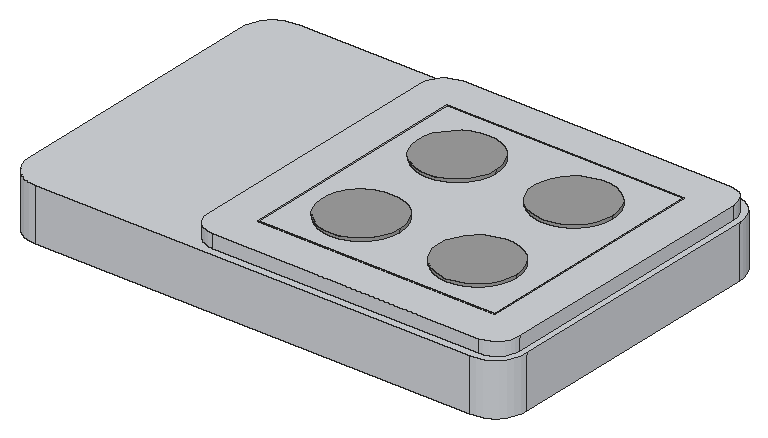
Revit family "Lighting-Industriale-GEWISS-SMART[4]HLO_APPARECCHI-LED_1M", category Apparecchi per illuminazione, Revit 2019
Family settings
  Quota connettore circolare = Usa diametro
  Tipo di parte = Normale
  Numero OmniClass = 23.80.00.00
  Titolo OmniClass = Electric Power and Lighting
  Basato su piano di lavoro = Sì
  Sempre verticale = No
  Taglio con vuoti quando caricato = No
  Sorgente d'illuminazione = No
  Condiviso = No
  Punto di calcolo locali = No
Parameters (values of type "GWS4122BQ857 - SMART4LB 1M C.PAS.ON/OFF HLO ELL.57K")
  Voltaggio = 230 V
  Viti esterne = "Acciaio inox"
  Vetro acceso = Lampada accesa
  Versione file RFA = "20.11"
  Vano di alimentazione = "Integrato"
  URL = "https://www.gewiss.com/it/it"
  Tolleranza cromatica = "SDCM = 3"
  Tipologia sorgente luminosa = "LED - Non sostituibile"
  Tipo di installazione e montaggio = "Plafone - Parete - Sospensione"
  Tipo di apparecchio = "Riflettore industriale a LED&nbsp;"
  Tensione di alimentazione = "220 - 240 V"
  Temperatura di stoccaggio = "-40 +70 °C"
  Temperatura di esercizio = "-30°C ÷ +50 °C"
  Temperatura di colore = "5700K"
  Superficie massima esposta al vento : = "0,097 m²"
  Spostamento_Y_etichetta [instance] = 0 mm
  Spostamento_Y_effettivo_etichetta [instance] = 1500 mm - Spostamento_Y_etichetta  # 1500 mm
  Spostamento_X_etichetta [instance] = 0 mm
  Spostamento_X_effettivo_etichetta [instance] = 1500 mm - Spostamento_X_etichetta  # 1500 mm
  SostituibilitÃ  piastra di cablaggio = "Non sostituibile"
  SostituibilitÃ  gruppo ottico = "Non sostituibile"
  Sistema di controllo : = "ON / OFF"
  Sistema di controllo = "ON / OFF"
  Schermo = "Vetro Temprato Spessore 4mm"
  Scheda Tecnica = "https://www.gewiss.com/it/it/search?q=GWS4122BQ857"
  SEO = "Low Bay"
  Resistenza al filo incandescente = "850 °C"
  Resistenza agli urti = "IK08"
  Produttore = "GEWISS S.p.A."
  Potenza di sistema = "64W"
  Peso (kg): = "3,5"
  Ottica = "Ellittica"
  Offset etichetta W [instance] = 120 mm
  Norma di riferimento = "EN 60598-1 ; EN 60598-2-1 ; EN 60598-2-24"
  Modello = "GWS4122BQ857"
  Materiali = "-"
  Lumen output (lm) = "8200"
  Lampada = "LED"
  Installazione e manutenzione = "-"
  Informazioni generali = "-"
  Indice di resa cromatica = "CRI-80"
  Inclinazione = "Con accessorio staffa"
  Immagine tipo = GWL1071.jpg
  IPEA = "-"
  IFC.TypeObject = ""
  IFC.ExportType = ""
  IFC.ExportAs = ""
  IDT = "38a7e34fee1a4d0d9e54b5fc2166bea5"
  IDF = "5e5a1ad8-9921-4241-a109-0c80e9b8793f"
  Guarnizioni = "tipo siliconico antinvecchiamento "
  Gruppo ottico = "Riflettore in PC metallizzato e lenti in PMMA"
  Grado di protezione = "IP66"
  Garanzia = "5 anni"
  Gancio di chiusura = "-"
  Frequenza nominale (Hz) = "50/60 Hz"
  Fissaggio = "-"
  Finitura colore = "Grigio RAL 7035"
  Etichetta wattaggio [instance] = yes
  Default Elevation = 1219.2 mm
  Trasformatore = none
  Spessore plafoniera = 40 mm  # constant formula
  Proiettsmart [instance] = yes
  Raggio led = 30 mm  # constant formula
  Plafoniera = none
  Efficienza luminosa (lm/W) = "128"
  Durata di vita = "L90B10 (Tq+25°C) = 70.000 h - L90B10 (Tq+50°C) = 35.000 h"
  Dispositivo di protezione = "DM 6kV / CM 6kV"
  Descrizione = "SMART[4]LB 1M C.PAS.ON/OFF HLO ELL.57K"
  Creato da GEWISS S.p.A. = ""
  Corpo = "PA6 “Halogen Free” caricato fibra vetro"
  Controllo abbagliamento e luminanza = "-"
  Contesto = "Illuminazione di logistiche e locali produttivi industriali"
  Commenti sul wattaggio = "50W"
  Colore = "Grigio RAL 7035"
  Codice digitale univoco (Datamatrix) = "Datamatrix"
  Codice Electrocod = "2444"
  Classificazione: = "-"
  Classificazione = Lighting
  Classe isolamento = "I"
  Classe fotobiologica = "RG0"
  Certificazioni e classificazioni = "-"
  Certificazione DIN 18032-3 = "Con Staffa - Kit Funi + morsetto (in approvazione)"
  Catalogo = "LIGHTING"
  Carico apparente = 50 VA
  Motore = none
  Lunghezza = 383 mm  # constant formula
  Larghezza = 253 mm  # constant formula
  Distanza tot_plafoniera = 74 mm  # constant formula
  Dettaglio bidimensionale attivo [instance] = not(Proiettsmart)  # no
  Caratteristiche ottiche e illuminotecniche = "-"
  Caratteristiche elettriche e gestione della luce = "-"
  Cablaggio = "Con connettore stagno Gw connect"
  COBie.Tagnumber = ""
  COBie.CreatedOn = ""
  COBie.CreatebBy = ""
  COBie.ComponentRegisterItemID = ""
  COBie.Component.TagNumber = ""
  COBie.Component.Space = ""
  COBie.Component.SerialNumber = ""
  COBie.Component.InstallationDate = ""
  COBie.Component.Description = ""
  COBie.Component.BarCode = ""
  Applicazione = "Interno"
  Apparecchio a ridotta temperatura superficiale = "Si"
  Alimentatore = "Incluso"
Types (36, lengths in mm): name | Temperatura di colore | Scheda Tecnica | SEO | Ottica | Modello | Lumen output (lm) | IDT | Gruppo ottico | Efficienza luminosa (lm/W) | Descrizione | Controllo abbagliamento e luminanza
  GWS4120BA830 - SMART4LB 1M ST.AL.ON/OFF HLO ARR.30K | "3000K" | "https://www.gewiss.com/it/it/search?q=GWS4120BA830" | "" | "Array" | "GWS4120BA830" | "8700" | "5980240d57c148668427c31942197637" | "Riflettore in PC metallizzato" | "136" | "SMART[4]LB 1M ST.AL.ON/OFF HLO ARR.30K" | "-"
  GWS4120BA840 - SMART4LB 1M ST.AL.ON/OFF HLO ARR.40K | "4000K" | "https://www.gewiss.com/it/it/search?q=GWS4120BA840" | "" | "Array" | "GWS4120BA840" | "9200" | "9e4f743f959141c9b29d12f241d5ae24" | "Riflettore in PC metallizzato" | "144" | "SMART[4]LB 1M ST.AL.ON/OFF HLO ARR.40K" | "-"
  GWS4120BA857 - SMART4LB 1M ST.AL.ON/OFF HLO ARR.57K | "5700K" | "https://www.gewiss.com/it/it/search?q=GWS4120BA857" | "" | "Array" | "GWS4120BA857" | "9200" | "7bc1fb0b84b7457d8f68f87ceb844d06" | "Riflettore in PC metallizzato" | "144" | "SMART[4]LB 1M ST.AL.ON/OFF HLO ARR.57K" | "-"
  GWS4120BC830 - SMART4LB 1M ST.AL.ON/OFF HLO ASI.30K | "3000K" | "https://www.gewiss.com/it/it/search?q=GWS4120BC830" | "Low Bay" | "Asimmetrica" | "GWS4120BC830" | "7800" | "acdad08c76134dad89b173a5b9cc93b9" | "Riflettore in PC metallizzato e lenti in PMMA" | "122" | "SMART[4]LB 1M ST.AL.ON/OFF HLO ASI.30K" | "-"
  GWS4120BC840 - SMART4LB 1M ST.AL.ON/OFF HLO ASI.40K | "4000K" | "https://www.gewiss.com/it/it/search?q=GWS4120BC840" | "Low Bay" | "Asimmetrica" | "GWS4120BC840" | "8200" | "5c597e1ff5744d418d0292d6fe9fe715" | "Riflettore in PC metallizzato e lenti in PMMA" | "128" | "SMART[4]LB 1M ST.AL.ON/OFF HLO ASI.40K" | "-"
  GWS4120BC857 - SMART4LB 1M ST.AL.ON/OFF HLO ASI.57K | "5700K" | "https://www.gewiss.com/it/it/search?q=GWS4120BC857" | "Low Bay" | "Asimmetrica" | "GWS4120BC857" | "8200" | "e83a54f6850540ac8156a34e1b5d33fb" | "Riflettore in PC metallizzato e lenti in PMMA" | "128" | "SMART[4]LB 1M ST.AL.ON/OFF HLO ASI.57K" | "-"
  GWS4120BF830 - SMART4LB 1M ST.AL.ON/OFF HLO 30° 30K | "3000K" | "https://www.gewiss.com/it/it/search?q=GWS4120BF830" | "" | "30°" | "GWS4120BF830" | "8600" | "6ef3c88a00de4d269af8a8f4c72061d0" | "Riflettore in PC metallizzato e lenti in PMMA" | "134" | "SMART[4]LB 1M ST.AL.ON/OFF HLO 30° 30K" | "UGR - 22"
  GWS4120BF840 - SMART4LB 1M ST.AL.ON/OFF HLO 30° 40K | "4000K" | "https://www.gewiss.com/it/it/search?q=GWS4120BF840" | "" | "30°" | "GWS4120BF840" | "9000" | "327bf72fa53546518570e5f3624fd406" | "Riflettore in PC metallizzato e lenti in PMMA" | "141" | "SMART[4]LB 1M ST.AL.ON/OFF HLO 30° 40K" | "UGR - 22"
  GWS4120BF857 - SMART4LB 1M ST.AL.ON/OFF HLO 30° 57K | "5700K" | "https://www.gewiss.com/it/it/search?q=GWS4120BF857" | "" | "30°" | "GWS4120BF857" | "9000" | "be34e83605d648e480c7a2b94495f9d6" | "Riflettore in PC metallizzato e lenti in PMMA" | "141" | "SMART[4]LB 1M ST.AL.ON/OFF HLO 30° 57K" | "UGR - 22"
  GWS4120BH830 - SMART4LB 1M ST.AL.ON/OFF HLO 60° 30K | "3000K" | "https://www.gewiss.com/it/it/search?q=GWS4120BH830" | "" | "60°" | "GWS4120BH830" | "8700" | "1073dc8096d14559ad69109d852e8452" | "Riflettore in PC metallizzato e lenti in PMMA" | "136" | "SMART[4]LB 1M ST.AL.ON/OFF HLO 60° 30K" | "UGR - 25"
  GWS4120BH840 - SMART4LB 1M ST.AL.ON/OFF HLO 60° 40K | "4000K" | "https://www.gewiss.com/it/it/search?q=GWS4120BH840" | "" | "60°" | "GWS4120BH840" | "9200" | "db5c7943ee2545ea8595a897a47f99d2" | "Riflettore in PC metallizzato e lenti in PMMA" | "144" | "SMART[4]LB 1M ST.AL.ON/OFF HLO 60° 40K" | "UGR - 25"
  GWS4120BH857 - SMART4LB 1M ST.AL.ON/OFF HLO 60° 57K | "5700K" | "https://www.gewiss.com/it/it/search?q=GWS4120BH857" | "" | "60°" | "GWS4120BH857" | "9200" | "1acafd3169ec46d48b43ffa05d04a8df" | "Riflettore in PC metallizzato e lenti in PMMA" | "144" | "SMART[4]LB 1M ST.AL.ON/OFF HLO 60° 57K" | "UGR - 25"
  GWS4120BP830 - SMART4LB 1M ST.AL.ON/OFF HLO 90° 30K | "3000K" | "https://www.gewiss.com/it/it/search?q=GWS4120BP830" | "" | "90°" | "GWS4120BP830" | "8800" | "73924a2c68f4440ab09b5f11815c9bbc" | "Riflettore in PC metallizzato e lenti in PMMA" | "138" | "SMART[4]LB 1M ST.AL.ON/OFF HLO 90° 30K" | "UGR - 25"
  GWS4120BP840 - SMART4LB 1M ST.AL.ON/OFF HLO 90° 40K | "4000K" | "https://www.gewiss.com/it/it/search?q=GWS4120BP840" | "" | "90°" | "GWS4120BP840" | "9200" | "197e7275b88249e2abf9adbd962bfdad" | "Riflettore in PC metallizzato e lenti in PMMA" | "144" | "SMART[4]LB 1M ST.AL.ON/OFF HLO 90° 40K" | "UGR - 25"
  GWS4120BP857 - SMART4LB 1M ST.AL.ON/OFF HLO 90° 57K | "5700K" | "https://www.gewiss.com/it/it/search?q=GWS4120BP857" | "" | "90°" | "GWS4120BP857" | "9200" | "69ce464822124d2287c0f19986e57caf" | "Riflettore in PC metallizzato e lenti in PMMA" | "144" | "SMART[4]LB 1M ST.AL.ON/OFF HLO 90° 57K" | "UGR - 25"
  GWS4120BQ830 - SMART4LB 1M ST.AL.ON/OFF HLO ELL.30K | "3000K" | "https://www.gewiss.com/it/it/search?q=GWS4120BQ830" | "Low Bay" | "Ellittica" | "GWS4120BQ830" | "7800" | "ae1ae4117d19437ea49ae9dd1a6f8754" | "Riflettore in PC metallizzato e lenti in PMMA" | "122" | "SMART[4]LB 1M ST.AL.ON/OFF HLO ELL.30K" | "-"
  GWS4120BQ840 - SMART4LB 1M ST.AL.ON/OFF HLO ELL.40K | "4000K" | "https://www.gewiss.com/it/it/search?q=GWS4120BQ840" | "Low Bay" | "Ellittica" | "GWS4120BQ840" | "8200" | "0cd218d5c0634c7baf076751e044eb01" | "Riflettore in PC metallizzato e lenti in PMMA" | "128" | "SMART[4]LB 1M ST.AL.ON/OFF HLO ELL.40K" | "-"
  GWS4120BQ857 - SMART4LB 1M ST.AL.ON/OFF HLO ELL.57K | "5700K" | "https://www.gewiss.com/it/it/search?q=GWS4120BQ857" | "Low Bay" | "Ellittica" | "GWS4120BQ857" | "8200" | "93910fbd0ac54e73bee3fb75cc529df9" | "Riflettore in PC metallizzato e lenti in PMMA" | "128" | "SMART[4]LB 1M ST.AL.ON/OFF HLO ELL.57K" | "-"
  GWS4122BA830 - SMART4LB 1M C.PAS.ON/OFF HLO ARR.30K | "3000K" | "https://www.gewiss.com/it/it/search?q=GWS4122BA830" | "" | "Array" | "GWS4122BA830" | "8700" | "7b2a187e11c24f71b9fa4a2cabea7cc0" | "Riflettore in PC metallizzato" | "136" | "SMART[4]LB 1M C.PAS.ON/OFF HLO ARR.30K" | "-"
  GWS4122BA840 - SMART4LB 1M C.PAS.ON/OFF HLO ARR.40K | "4000K" | "https://www.gewiss.com/it/it/search?q=GWS4122BA840" | "" | "Array" | "GWS4122BA840" | "9200" | "9bfe0c9aa3be4cd386c6dc9caa000e5e" | "Riflettore in PC metallizzato" | "144" | "SMART[4]LB 1M C.PAS.ON/OFF HLO ARR.40K" | "-"
  GWS4122BA857 - SMART4LB 1M C.PAS.ON/OFF HLO ARR.57K | "5700K" | "https://www.gewiss.com/it/it/search?q=GWS4122BA857" | "" | "Array" | "GWS4122BA857" | "9200" | "0386dc4ba2ac4121890779a000b68b9a" | "Riflettore in PC metallizzato" | "144" | "SMART[4]LB 1M C.PAS.ON/OFF HLO ARR.57K" | "-"
  GWS4122BC830 - SMART4LB 1M C.PAS.ON/OFF HLO ASI.30K | "3000K" | "https://www.gewiss.com/it/it/search?q=GWS4122BC830" | "Low Bay" | "Asimmetrica" | "GWS4122BC830" | "7800" | "9d4caf84c48a4974aebf18c7459d647f" | "Riflettore in PC metallizzato e lenti in PMMA" | "122" | "SMART[4]LB 1M C.PAS.ON/OFF HLO ASI.30K" | "-"
  GWS4122BC840 - SMART4LB 1M C.PAS.ON/OFF HLO ASI.40K | "4000K" | "https://www.gewiss.com/it/it/search?q=GWS4122BC840" | "Low Bay" | "Asimmetrica" | "GWS4122BC840" | "8200" | "b7da540b333d4a4ca5313746b5707f46" | "Riflettore in PC metallizzato e lenti in PMMA" | "128" | "SMART[4]LB 1M C.PAS.ON/OFF HLO ASI.40K" | "-"
  GWS4122BC857 - SMART4LB 1M C.PAS.ON/OFF HLO ASI.57K | "5700K" | "https://www.gewiss.com/it/it/search?q=GWS4122BC857" | "Low Bay" | "Asimmetrica" | "GWS4122BC857" | "8200" | "d50664158c6149349128239c9b8f698a" | "Riflettore in PC metallizzato e lenti in PMMA" | "128" | "SMART[4]LB 1M C.PAS.ON/OFF HLO ASI.57K" | "-"
  GWS4122BF830 - SMART4LB 1M C.PAS.ON/OFF HLO 30° 30K | "3000K" | "https://www.gewiss.com/it/it/search?q=GWS4122BF830" | "" | "30°" | "GWS4122BF830" | "8600" | "510fcfd209194af2a022a7f471e6f009" | "Riflettore in PC metallizzato e lenti in PMMA" | "134" | "SMART[4]LB 1M C.PAS.ON/OFF HLO 30° 30K" | "UGR - 22"
  GWS4122BF840 - SMART4LB 1M C.PAS.ON/OFF HLO 30° 40K | "4000K" | "https://www.gewiss.com/it/it/search?q=GWS4122BF840" | "" | "30°" | "GWS4122BF840" | "9000" | "62d5d6d8b6334a2f95984cfb5004b4b9" | "Riflettore in PC metallizzato e lenti in PMMA" | "141" | "SMART[4]LB 1M C.PAS.ON/OFF HLO 30° 40K" | "UGR - 22"
  GWS4122BF857 - SMART4LB 1M C.PAS.ON/OFF HLO 30° 57K | "5700K" | "https://www.gewiss.com/it/it/search?q=GWS4122BF857" | "" | "30°" | "GWS4122BF857" | "9000" | "ca9f3da5940c4eb2a8b9d3cda3c5aea7" | "Riflettore in PC metallizzato e lenti in PMMA" | "141" | "SMART[4]LB 1M C.PAS.ON/OFF HLO 30° 57K" | "UGR - 22"
  GWS4122BH830 - SMART4LB 1M C.PAS.ON/OFF HLO 60° 30K | "3000K" | "https://www.gewiss.com/it/it/search?q=GWS4122BH830" | "" | "60°" | "GWS4122BH830" | "8700" | "a1cb82dd0494484885608b9236a300ad" | "Riflettore in PC metallizzato e lenti in PMMA" | "136" | "SMART[4]LB 1M C.PAS.ON/OFF HLO 60° 30K" | "UGR - 25"
  GWS4122BH840 - SMART4LB 1M C.PAS.ON/OFF HLO 60° 40K | "4000K" | "https://www.gewiss.com/it/it/search?q=GWS4122BH840" | "" | "60°" | "GWS4122BH840" | "9200" | "bb38c99f51444ae0ad9ddba24f972cb7" | "Riflettore in PC metallizzato e lenti in PMMA" | "144" | "SMART[4]LB 1M C.PAS.ON/OFF HLO 60° 40K" | "UGR - 25"
  GWS4122BH857 - SMART4LB 1M C.PAS.ON/OFF HLO 60° 57K | "5700K" | "https://www.gewiss.com/it/it/search?q=GWS4122BH857" | "" | "60°" | "GWS4122BH857" | "9200" | "726b163f0e2843d680d988d84be2e4ba" | "Riflettore in PC metallizzato e lenti in PMMA" | "144" | "SMART[4]LB 1M C.PAS.ON/OFF HLO 60° 57K" | "UGR - 25"
  GWS4122BP830 - SMART4LB 1M C.PAS.ON/OFF HLO 90° 30K | "3000K" | "https://www.gewiss.com/it/it/search?q=GWS4122BP830" | "" | "90°" | "GWS4122BP830" | "8800" | "54b8459f68734a0fb437acb193bf863d" | "Riflettore in PC metallizzato e lenti in PMMA" | "138" | "SMART[4]LB 1M C.PAS.ON/OFF HLO 90° 30K" | "UGR - 25"
  GWS4122BP840 - SMART4LB 1M C.PAS.ON/OFF HLO 90° 40K | "4000K" | "https://www.gewiss.com/it/it/search?q=GWS4122BP840" | "" | "90°" | "GWS4122BP840" | "9200" | "2412451b807a46bf94ff885c11c35565" | "Riflettore in PC metallizzato e lenti in PMMA" | "144" | "SMART[4]LB 1M C.PAS.ON/OFF HLO 90° 40K" | "UGR - 25"
  GWS4122BP857 - SMART4LB 1M C.PAS.ON/OFF HLO 90° 57K | "5700K" | "https://www.gewiss.com/it/it/search?q=GWS4122BP857" | "" | "90°" | "GWS4122BP857" | "9200" | "13d854be9f764cd7a67ca30838c65e76" | "Riflettore in PC metallizzato e lenti in PMMA" | "144" | "SMART[4]LB 1M C.PAS.ON/OFF HLO 90° 57K" | "UGR - 25"
  GWS4122BQ830 - SMART4LB 1M C.PAS.ON/OFF HLO ELL.30K | "3000K" | "https://www.gewiss.com/it/it/search?q=GWS4122BQ830" | "Low Bay" | "Ellittica" | "GWS4122BQ830" | "7800" | "07bc32fd9f96459cbf3edcf666d4cfa1" | "Riflettore in PC metallizzato e lenti in PMMA" | "122" | "SMART[4]LB 1M C.PAS.ON/OFF HLO ELL.30K" | "-"
  GWS4122BQ840 - SMART4LB 1M C.PAS.ON/OFF HLO ELL.40K | "4000K" | "https://www.gewiss.com/it/it/search?q=GWS4122BQ840" | "Low Bay" | "Ellittica" | "GWS4122BQ840" | "8200" | "5ea3e835341d4951a691c5517179f43a" | "Riflettore in PC metallizzato e lenti in PMMA" | "128" | "SMART[4]LB 1M C.PAS.ON/OFF HLO ELL.40K" | "-"
  GWS4122BQ857 - SMART4LB 1M C.PAS.ON/OFF HLO ELL.57K | "5700K" | "https://www.gewiss.com/it/it/search?q=GWS4122BQ857" | "Low Bay" | "Ellittica" | "GWS4122BQ857" | "8200" | "38a7e34fee1a4d0d9e54b5fc2166bea5" | "Riflettore in PC metallizzato e lenti in PMMA" | "128" | "SMART[4]LB 1M C.PAS.ON/OFF HLO ELL.57K" | "-"
Reference planes
  plane 1 "Centro (Fronte/Retro)": y = 0
  plane 2: z = 0
  plane 3 "Centro (Sinistra/Destra)": x = 0
  plane 4: x = -191.5
  plane 5: y = 126.5
  plane 6: x = 191.5
  plane 7: y = -126.5
  plane 8: z = -74
  plane 9: x = -175.5
  plane 10: y = -110.5
  plane 11: y = 110.5
  plane 12: x = -60.5
  plane 13: y = 121.5
  plane 14: x = 186.5
  plane 15: y = -120
  plane 16: z = 74
  plane 17: z = 84
  plane 18: z = 86
  plane 19: x = -1500
  plane 20: y = -1500
  plane 21: x = 0
  plane 22: y = 0
Dimensions and locks
  equal spacing: plane 5, plane 1 "Centro (Fronte/Retro)", plane 7
  equal spacing: plane 4, plane 3 "Centro (Sinistra/Destra)", plane 6
  "Lunghezza": plane 4 to plane 6
  "Larghezza": plane 5 to plane 7
  locked: plane 14 to plane 6 at 5
  locked: plane 5 to plane 13 at 5
  nested 3 to plane 8 = 133.058 mm
  locked: plane 4 to plane 9 at 16
  "Offset etichetta W": plane 1 "Centro (Fronte/Retro)" to plane 15
  "Distanza tot_plafoniera": plane 16 to level
  locked: plane 18 to plane 17 at 2
  plane 19 to plane 3 "Centro (Sinistra/Destra)" = 1500 mm
  plane 1 "Centro (Fronte/Retro)" to plane 20 = 1500 mm
  "Spostamento_Y_effettivo_etichetta": plane 22 to plane 20
  "Spostamento_X_effettivo_etichetta": plane 19 to plane 21
  aligned and locked: level to plane 2
  aligned and locked: plane 4 to nested 1
  aligned and locked: plane 6 to nested 1
  aligned and locked: plane 5 to nested 1
  aligned and locked: plane 7 to nested 1
  aligned and locked: plane 14 to nested 2
  aligned and locked: plane 1 "Centro (Fronte/Retro)" to nested 10
  aligned and locked: nested 3 to plane 2
  aligned and locked: plane 16 to nested 1
  aligned and locked: plane 1 "Centro (Fronte/Retro)" to nested 8
  aligned and locked: plane 1 "Centro (Fronte/Retro)" to nested 1
  aligned and locked: plane 1 "Centro (Fronte/Retro)" to nested 2
  aligned and locked: nested 2 to plane 16
  aligned and locked: nested 4 to plane 18
  aligned and locked: plane 18 to nested 6
  aligned and locked: nested 7 to plane 18
  aligned and locked: plane 18 to nested 5
  aligned and locked: nested 9 to plane 22
  aligned and locked: plane 21 to nested 9
Nested families
  nested 1: "Struttura_SMART[4] LB - 2+2 L" at (0, 0, 74), type "SMART Lab (4) 4L"
  nested 2: "mascherina_SMART (4)" at (66.5, 0, 84), type "Maschera_smart (4) 4L", detail levels medium+fine
  nested 3: "Staffa SMART LAB 4" at (65, -20, 59.058) x (0, 1, 0) z (0, 0, -1), type "Staffa SMART LAB 4", detail levels medium+fine
  nested 4: "Gewis - Led" at (20.25, 44.75, 86), type "Gewis - Led", detail levels fine
  nested 5: "Gewis - Led" at (109.75, 44.75, 86) x (-1, 0, 0) z (0, 0, 1), type "Gewis - Led", detail levels fine
  nested 6: "Gewis - Led" at (20.25, -47.75, 86), type "Gewis - Led", detail levels fine
  nested 7: "Gewis - Led" at (109.75, -47.75, 86) x (-1, 0, 0) z (0, 0, 1), type "Gewis - Led", detail levels fine
  nested 8: "Rappr_bidimensionale_SMART[4] LB 4L" at (40, 0, 0), visible <- "Dettaglio bidimensionale attivo", type "SMART[4] LB 4L_bidimensionalerfa"
  nested 9: "ETICHETTA LIGHT" at (0, 0, 0), visible <- "Etichetta wattaggio", type "ETICHETTA LIGHT"
  nested 10: "PROIETTSMART " at (-32.162, 0, 0), visible <- "Proiettsmart", type "PROIETTSMART "
Connectors
  electrical at (0.009, -0.098, 34), driven by "Classificazione", driven by "Carico apparente"
    settings: on nested 1, index 1, voltage 230 V, apparent load 0 VA, apparent load phase1 50 VA, apparent load phase2 0 VA, apparent load phase3 0 VA, power factor 1, load classification "Lighting", number of poles 2, system type 31, power factor state 1, is connector primary yes, connector utility no, sub classification motor no, connector description ""
Definition of nested family "Struttura_SMART[4] LB - 2+2 L"
  Parameters (values of type "SMART Lab (4) 4L")
    Struttura plafoniera = none
    Spessore_plafoniera = 40 mm
    Lunghezza = 383 mm
    Larghezza = 253 mm
  Reference planes
    plane 1 "Asse sorgente illuminazione (F/B)": y = 0
    plane 2: z = 0
    plane 3 "Asse sorgente illuminazione (L/R)": x = 0
    plane 4 "Prospetto sorgente di illuminazione": z = -40
    plane 5 "SX": x = -191.5
    plane 6 "DX": x = 191.5
    plane 7 "DIETRO": y = 126.5
    plane 8 "AVANTI": y = -126.5
    plane 9: x = -51.5
    plane 10: x = 180.5
    plane 11: y = -115.5
    plane 12: y = 115.5
    plane 13: x = -180.5
    plane 14: x = 51.5
  Forms (mm)
    Extrusion 1, solid, material <- "Struttura plafoniera"
      sketch origin (0, 0, 0) x (1, 0, 0) y (0, 1, 0)
        loop
          line (191.5, -102.095) -> (191.5, 102.09)
          arc (191.5, 102.09) -> (184.35, 119.35) -> (167.09, 126.5) r 24.41
          line (167.09, 126.5) -> (-167.009, 126.5)
          arc (-167.009, 126.5) -> (-184.554, 119.1) -> (-191.5, 101.371) r 24.499
          line (-191.5, 101.371) -> (-191.5, -102.092)
          arc (-191.5, -102.092) -> (-184.351, -119.351) -> (-167.092, -126.5) r 24.408
          line (-167.092, -126.5) -> (167.117, -126.5)
          arc (167.117, -126.5) -> (184.334, -119.368) -> (191.465, -102.152) r 24.348
      from -40 to 0
  Dimensions and locks
    equal spacing: plane 5 "SX", plane 3 "Asse sorgente illuminazione (L/R)", plane 6 "DX"
    equal spacing: plane 7 "DIETRO", plane 1 "Asse sorgente illuminazione (F/B)", plane 8 "AVANTI"
    "Lunghezza": plane 5 "SX" to plane 6 "DX"
    "Larghezza": plane 7 "DIETRO" to plane 8 "AVANTI"
    locked: plane 7 "DIETRO" to plane 12 at 11
    locked: plane 11 to plane 8 "AVANTI" at 11
    locked: plane 10 to plane 6 "DX" at 11
    locked: plane 9 to plane 10 at 232
    plane 13 to plane 14 = 232 mm
    locked: plane 5 "SX" to plane 13 at 11
    "Spessore_plafoniera": plane 2 to plane 4 "Prospetto sorgente di illuminazione"
    aligned and locked: level to plane 2
    aligned and locked: Extrusion 1 to plane 5 "SX"
    aligned and locked: Extrusion 1 to plane 8 "AVANTI"  (x2)
    aligned and locked: plane 7 "DIETRO" to Extrusion 1
    aligned and locked: plane 6 "DX" to Extrusion 1
    aligned and locked: plane 4 "Prospetto sorgente di illuminazione" to Extrusion 1
    aligned and locked: plane 2 to Extrusion 1
  Automatic sketch dimensions
    Extrusion 1 sketch curve to plane 5 "SX" = 0 mm
    Extrusion 1 sketch curve to plane 8 "AVANTI" = 0 mm
    Extrusion 1 sketch curve to plane 7 "DIETRO" = 0 mm
    Extrusion 1 sketch curve to plane 6 "DX" = 0 mm
    plane 13 to Extrusion 1 sketch curve = 13.408 mm
    plane 13 to Extrusion 1 sketch curve = 13.491 mm
    Extrusion 1 sketch curve to plane 10 = 13.41 mm
    Extrusion 1 sketch curve to plane 10 = 13.383 mm
    plane 11 to Extrusion 1 sketch curve = 13.348 mm
    Extrusion 1 sketch curve to plane 12 = 14.129 mm
    Extrusion 1 sketch curve to Extrusion 1 sketch curve = 0.056 mm
Definition of nested family "mascherina_SMART (4)"
  Parameters (values of type "Maschera_smart (4) 4L")
    Spessore_mascherina = 10 mm
    Default Elevation = 1219.2 mm
    N.intarsi = (Lunghezza_mascherina - (Bordo * 2)) / 15 mm  # 12
    N._intarsi verticale = (Larghezza_mascherina - (Bordo * 2)) / 17 mm  # 11
    Mascherina = none
    Lunghezza_mascherina = 240 mm
    Larghezza_mascherina = 240 mm
    Distanza_intarsi v. = 41 mm  # constant formula
    Distanza_intarsi = 37 mm  # constant formula
    Bordo = 29 mm
  Reference planes
    plane 1 "Centro (Fronte/Retro)": y = 0
    plane 2: z = 0
    plane 3 "Centro (Sinistra/Destra)": x = 0
    plane 4: x = -120
    plane 5 "Dietro": y = 120
    plane 6: x = 120
    plane 7: y = -120
    plane 8: x = -91
    plane 9: y = -91
    plane 10: x = 91
    plane 11: y = 91
    plane 12: x = -83
    plane 13: y = 94.742
    plane 14: y = -95
    plane 15: z = -10
    plane 16: x = -95
    plane 17: y = 79
    plane 18: y = -79
    plane 19: x = 95
    plane 20: z = -4.799
  Forms (mm)
    Extrusion 1, solid, material <- "Mascherina"
      sketch origin (0, 0, 0) x (1, 0, 0) y (0, 1, 0)
        loop
          arc (-102.5, 120) -> (-114.874, 114.874) -> (-120, 102.5) r 17.5
          line (-120, 102.5) -> (-120, -102.5)
          arc (-120, -102.5) -> (-114.874, -114.874) -> (-102.5, -120) r 17.5
          line (-102.5, -120) -> (102.5, -120)
          arc (102.5, -120) -> (114.874, -114.874) -> (120, -102.5) r 17.5
          line (120, -102.5) -> (120, 102.5)
          arc (120, 102.5) -> (114.874, 114.874) -> (102.5, 120) r 17.5
          line (102.5, 120) -> (-102.5, 120)
        loop
          line (-91, 91) -> (-91, -91) -> (91, -91) -> (91, 91) -> (-91, 91)
      from -10 to 0
    Extrusion 2, solid, material <- "Mascherina"
      sketch origin (0, 0, 0) x (1, 0, 0) y (0, 1, 0)
        loop
          line (-91, 91) -> (-91, -91) -> (91, -91) -> (91, 91) -> (-91, 91)
      from -4.799 to 0
  Dimensions and locks
    equal spacing: plane 4, plane 3 "Centro (Sinistra/Destra)", plane 6
    "Lunghezza_mascherina": plane 4 to plane 6
    equal spacing: plane 5 "Dietro", plane 1 "Centro (Fronte/Retro)", plane 7
    "Larghezza_mascherina": plane 5 "Dietro" to plane 7
    "Bordo": plane 4 to plane 8
    "Bordo": plane 9 to plane 7
    "Bordo": plane 5 "Dietro" to plane 11
    "Bordo": plane 10 to plane 6
    "Distanza_intarsi": plane 4 to plane 12
    locked: plane 13 to plane 11 at 3.742
    "Spessore_mascherina": plane 2 to plane 15
    "Distanza_intarsi v.": plane 5 "Dietro" to plane 17
    "Distanza_intarsi v.": plane 18 to plane 7
    locked: plane 9 to plane 14 at 4
    locked: plane 16 to plane 8 at 4
    locked: plane 10 to plane 19 at 4
    locked: plane 2 to plane 20 at 4.799
    radius of Extrusion 1 sketch curve = 17.5 mm  (x4)
    aligned and locked: level to plane 2
    aligned and locked: plane 4 to Extrusion 1 sketch curve
    aligned and locked: plane 6 to Extrusion 1 sketch curve
    aligned and locked: Extrusion 1 sketch curve to plane 5 "Dietro"
    aligned and locked: Extrusion 1 sketch curve to plane 7
    aligned and locked: Extrusion 1 sketch curve to plane 11
    aligned and locked: plane 8 to Extrusion 1 sketch curve
    aligned and locked: plane 9 to Extrusion 1 sketch curve
    aligned and locked: Extrusion 1 sketch curve to plane 10
    aligned and locked: plane 2 to Extrusion 1
    aligned and locked: Extrusion 1 to plane 15
    aligned and locked: Extrusion 2 sketch curve to plane 10
    aligned and locked: plane 9 to Extrusion 2 sketch curve
    aligned and locked: plane 8 to Extrusion 2 sketch curve
    aligned and locked: Extrusion 2 sketch curve to plane 11
    aligned and locked: plane 2 to Extrusion 2
    aligned and locked: Extrusion 2 to plane 20
Definition of nested family "Staffa SMART LAB 4"
  Parameters (values of type "Staffa SMART LAB 4")
    Staffa = none
    Default Elevation = 1219.2 mm
  Reference planes
    plane 1 "Centro (Fronte/Retro)": y = 0
    plane 2: z = 0
    plane 3 "Centro (Sinistra/Destra)": x = 0
    plane 4: y = 25
    plane 5: y = -25
    plane 6: x = -480
    plane 7: x = 480
    plane 8: z = 340
  Forms (mm)
    Extrusion 1, solid, material <- "Staffa"
      sketch origin (-19.427, 0, 0) x (1, 0, 0) y (0, 0, 1)
        loop
          line (-52.112, 0) -> (-51.312, 0) -> (-51.312, 5.038) -> (-51.312, 7.679) -> (-48.064, 11.553) -> (-48.309, 20.832)
          arc (-48.309, 20.832) -> (-48.108, 21.384) -> (-47.585, 21.651) r 0.801
          line (-47.585, 21.651) -> (-46.541, 21.744)
          arc (-46.541, 21.744) -> (-45.388, 22.346) -> (-44.998, 23.587) r 1.701
          line (-44.998, 23.587) -> (-45.225, 26.168) -> (-47.881, 28.39) -> (-47.881, 32.971) -> (-23.475, 58.058) -> (62.329, 58.058) -> (86.735, 32.971) -> (86.735, 28.39) -> (84.08, 26.168) -> (83.852, 23.587)
          arc (83.852, 23.587) -> (84.243, 22.346) -> (85.396, 21.744) r 1.701
          line (85.396, 21.744) -> (86.439, 21.651)
          arc (86.439, 21.651) -> (86.963, 21.384) -> (87.163, 20.832) r 0.801
          line (87.163, 20.832) -> (86.919, 11.553) -> (90.167, 7.679) -> (90.167, 5.038) -> (90.167, 0) -> (90.967, 0) -> (90.967, 5.038) -> (90.967, 7.979) -> (87.921, 11.618) -> (88.163, 20.806)
          arc (88.163, 20.806) -> (87.71, 22.048) -> (86.531, 22.647) r 1.801
          line (86.531, 22.647) -> (85.484, 22.74)
          arc (85.484, 22.74) -> (85.009, 22.988) -> (84.849, 23.499) r 0.701
          line (84.849, 23.499) -> (85.039, 25.667) -> (87.735, 27.923) -> (87.735, 32.876) -> (86.947, 34.187) -> (62.751, 59.058) -> (-23.897, 59.058) -> (-48.093, 34.187) -> (-48.881, 32.876) -> (-48.881, 27.923) -> (-46.185, 25.667) -> (-45.994, 23.499)
          arc (-45.994, 23.499) -> (-46.155, 22.988) -> (-46.63, 22.74) r 0.701
          line (-46.63, 22.74) -> (-47.676, 22.647)
          arc (-47.676, 22.647) -> (-48.856, 22.048) -> (-49.308, 20.806) r 1.801
          line (-49.308, 20.806) -> (-49.066, 11.618) -> (-52.112, 7.979) -> (-52.112, 5.038) -> (-52.112, 0)
      from -25 to 25
  Dimensions and locks
    equal spacing: plane 6, plane 3 "Centro (Sinistra/Destra)", plane 7
    equal spacing: plane 4, plane 1 "Centro (Fronte/Retro)", plane 5
    plane 4 to plane 5 = 50 mm
    plane 6 to plane 7 = 960 mm
    aligned and locked: level to plane 2
    aligned and locked: plane 4 to Extrusion 1
    aligned and locked: Extrusion 1 to plane 5
  Automatic sketch dimensions
    Extrusion 1 sketch curve to Extrusion 1 sketch curve = 0 mm  (x10)
    Extrusion 1 sketch curve to level = 0 mm  (x2)
    level to Extrusion 1 sketch curve = 5.038 mm
    Extrusion 1 sketch curve to plane 3 "Centro (Sinistra/Destra)" = 71.54 mm
    Extrusion 1 sketch curve to Extrusion 1 sketch curve = 0.8 mm  (x2)
    level to Extrusion 1 sketch curve = 20.806 mm  (x2)
    Extrusion 1 sketch curve to Extrusion 1 sketch curve = 2.804 mm
    level to Extrusion 1 sketch curve = 11.618 mm  (x2)
    Extrusion 1 sketch curve to Extrusion 1 sketch curve = 2.246 mm  (x2)
    Extrusion 1 sketch curve to Extrusion 1 sketch curve = 0.428 mm
    level to Extrusion 1 sketch curve = 20.832 mm  (x2)
    Extrusion 1 sketch curve to Extrusion 1 sketch curve = 1 mm  (x4)
    Extrusion 1 sketch curve to Extrusion 1 sketch curve = 0.788 mm
    level to Extrusion 1 sketch curve = 11.553 mm  (x2)
    Extrusion 1 sketch curve to Extrusion 1 sketch curve = 1.002 mm  (x2)
    level to Extrusion 1 sketch curve = 22.647 mm  (x2)
    Extrusion 1 sketch curve to Extrusion 1 sketch curve = 0.632 mm
    level to Extrusion 1 sketch curve = 21.651 mm  (x2)
    Extrusion 1 sketch curve to Extrusion 1 sketch curve = 0.092 mm  (x2)
    Extrusion 1 sketch curve to Extrusion 1 sketch curve = 0.984 mm
    level to Extrusion 1 sketch curve = 22.74 mm  (x2)
    Extrusion 1 sketch curve to Extrusion 1 sketch curve = 0.062 mm
    level to Extrusion 1 sketch curve = 21.744 mm  (x2)
    Extrusion 1 sketch curve to Extrusion 1 sketch curve = 0.088 mm
    Extrusion 1 sketch curve to Extrusion 1 sketch curve = 0.507 mm
    level to Extrusion 1 sketch curve = 23.499 mm  (x2)
    Extrusion 1 sketch curve to Extrusion 1 sketch curve = 0.698 mm  (x2)
    Extrusion 1 sketch curve to Extrusion 1 sketch curve = 0.96 mm  (x2)
    level to Extrusion 1 sketch curve = 23.587 mm  (x2)
    Extrusion 1 sketch curve to plane 3 "Centro (Sinistra/Destra)" = 43.324 mm
    Extrusion 1 sketch curve to Extrusion 1 sketch curve = 0.422 mm  (x2)
    plane 3 "Centro (Sinistra/Destra)" to Extrusion 1 sketch curve = 42.902 mm
    Extrusion 1 sketch curve to Extrusion 1 sketch curve = 21.523 mm
    level to Extrusion 1 sketch curve = 26.168 mm
    Extrusion 1 sketch curve to Extrusion 1 sketch curve = 0.227 mm
    Extrusion 1 sketch curve to Extrusion 1 sketch curve = 0.996 mm
    level to Extrusion 1 sketch curve = 25.667 mm
    Extrusion 1 sketch curve to Extrusion 1 sketch curve = 0.548 mm
    Extrusion 1 sketch curve to Extrusion 1 sketch curve = 0.966 mm
    Extrusion 1 sketch curve to Extrusion 1 sketch curve = 0.077 mm
    level to Extrusion 1 sketch curve = 28.39 mm
    Extrusion 1 sketch curve to Extrusion 1 sketch curve = 1.696 mm
    Extrusion 1 sketch curve to Extrusion 1 sketch curve = 0.557 mm
    level to Extrusion 1 sketch curve = 34.187 mm
    Extrusion 1 sketch curve to Extrusion 1 sketch curve = 0.212 mm
    Extrusion 1 sketch curve to Extrusion 1 sketch curve = 0.801 mm
    level to Extrusion 1 sketch curve = 7.679 mm
    Extrusion 1 sketch curve to Extrusion 1 sketch curve = 2.641 mm  (x2)
    Extrusion 1 sketch curve to Extrusion 1 sketch curve = 0.3 mm  (x2)
    Extrusion 1 sketch curve to Extrusion 1 sketch curve = 2.168 mm
    Extrusion 1 sketch curve to Extrusion 1 sketch curve = 0.501 mm
    Extrusion 1 sketch curve to Extrusion 1 sketch curve = 0.467 mm  (x2)
    Extrusion 1 sketch curve to Extrusion 1 sketch curve = 2.256 mm
    Extrusion 1 sketch curve to Extrusion 1 sketch curve = 4.486 mm
    Extrusion 1 sketch curve to Extrusion 1 sketch curve = 1.311 mm
    Extrusion 1 sketch curve to Extrusion 1 sketch curve = 0.095 mm  (x2)
    Extrusion 1 sketch curve to Extrusion 1 sketch curve = 1.216 mm
    Extrusion 1 sketch curve to Extrusion 1 sketch curve = 23.87 mm
Definition of nested family "Gewis - Led"
  Parameters (values of type "Gewis - Led")
    Vetro = none
    Raggio led = 30 mm
    Default Elevation = 1219.2 mm
    Estensione vetro = 3 mm
  Reference planes
    plane 1 "Centro (Fronte/Retro)": y = 0
    plane 2: z = 0
    plane 3 "Centro (Sinistra/Destra)": x = 0
  Forms (mm)
    Extrusion 1, solid, material <- "Vetro"
      sketch origin (0, 0, 0) x (1, 0, 0) y (0, 1, 0)
        loop
          circle (0, 0) r 30
      from -3 to 0
  Dimensions and locks
    "Estensione vetro": level to Extrusion 1
    "Raggio led": radius of Extrusion 1 sketch curve
    aligned and locked: level to plane 2
    aligned and locked: level to Extrusion 1
  Automatic sketch dimensions
    plane 1 "Centro (Fronte/Retro)" to Extrusion 1 sketch curve = 0 mm
    Extrusion 1 sketch curve to plane 3 "Centro (Sinistra/Destra)" = 0 mm
Definition of nested family "Rappr_bidimensionale_SMART[4] LB 4L"
  Reference planes
    plane 1 "Centro (Fronte/Retro)": y = 0
    plane 2: z = 0
    plane 3 "Centro (Sinistra/Destra)": x = 0
  Lines and regions (mm)
    model lines, in view "Livello rif."
      curve 1: circle (-20.568, 47.057, 0) r 28.619 normal (0, 0, 1)
      curve 2: circle (73.432, -46.943, 0) r 28.619 normal (0, 0, 1)
      curve 3: circle (-20.568, -46.943, 0) r 28.619 normal (0, 0, 1)
      curve 4: circle (73.432, 47.057, 0) r 28.619 normal (0, 0, 1)
      curve 5: arc (-93.068, -104.009, 0) -> (-88.529, -114.969, 0) -> (-77.568, -119.509, 0) r 15.5
      curve 6: arc (145.932, 103.991, 0) -> (141.392, 114.952, 0) -> (130.432, 119.491, 0) r 15.5
      curve 7: arc (-77.568, 119.491, 0) -> (-88.529, 114.952, 0) -> (-93.068, 103.991, 0) r 15.5
      curve 8: arc (130.432, -119.509, 0) -> (141.392, -114.969, 0) -> (145.932, -104.009, 0) r 15.5
      curve 9: arc (152.721, 103.991, 0) -> (146.196, 119.749, 0) -> (130.441, 126.281, 0) r 22.29
      curve 10: arc (130.443, -126.298, 0) -> (146.197, -119.766, 0) -> (152.721, -104.009, 0) r 22.29
      curve 11: arc (-230.358, -108, 0) -> (-225, -120.942, 0) -> (-212.058, -126.298, 0) r 18.29
      curve 12: arc (-212.077, 126.281, 0) -> (-225.001, 120.924, 0) -> (-230.358, 108, 0) r 18.29
      curve 13: line (-66.068, -92.509, 0) -> (-66.068, 92.491, 0)
      curve 14: line (-66.068, 92.491, 0) -> (118.932, 92.491, 0)
      curve 15: line (118.932, 92.491, 0) -> (118.932, -92.509, 0)
      curve 16: line (118.932, -92.509, 0) -> (-66.068, -92.509, 0)
      curve 17: line (-77.568, -119.509, 0) -> (130.432, -119.509, 0)
      curve 18: line (-77.568, 119.491, 0) -> (130.432, 119.491, 0)
      curve 19: line (-93.068, 103.991, 0) -> (-93.068, -104.009, 0)
      curve 20: line (145.932, 103.991, 0) -> (145.932, -104.009, 0)
      curve 21: line (-212.077, 126.281, 0) -> (130.441, 126.281, 0)
      curve 22: line (152.721, 103.991, 0) -> (152.721, -104.009, 0)
      curve 23: line (130.443, -126.298, 0) -> (-212.058, -126.298, 0)
      curve 24: line (-230.358, -108, 0) -> (-230.358, 108, 0)
Definition of nested family "ETICHETTA LIGHT"
  Parameters (values of type "ETICHETTA LIGHT")
    COMMENTI = "53W"
  Reference planes
    plane 1: y = 0
    plane 2: x = 0
  Text (mm)
    label "COMMENTI" at (-0.057, 0.105, 0), shows "COMMENTI"
Definition of nested family "PROIETTSMART "
  Reference planes
    plane 1 "Centro (Fronte/Retro)": y = 0
    plane 2: z = 0
    plane 3 "Centro (Sinistra/Destra)": x = 0
  Lines and regions (mm)
    model lines, in view "Livello rif."
      curve 1: line (120.593, -21.515, 0) -> (77.393, -0.008, 0)
      curve 2: line (77.393, -0.008, 0) -> (120.593, 21.758, 0)
      curve 3: line (120.593, 21.758, 0) -> (120.593, -21.515, 0)
      curve 4: line (77.393, 21.629, 0) -> (77.393, -21.645, 0)
      curve 5: line (77.393, -0.008, 0) -> (52.133, -0.008, 0)
      curve 6: line (120.593, 0.122, 0) -> (139.246, 0.122, 0)
      curve 7: line (162.162, 66.747, 0) -> (162.162, -66.747, 0)
      curve 8: line (162.162, -66.747, 0) -> (-97.838, -66.747, 0)
      curve 9: line (-97.838, -66.747, 0) -> (-97.838, 66.747, 0)
      curve 10: line (-97.838, 66.747, 0) -> (162.162, 66.747, 0)
      curve 11: line (45.772, 49.667, 0) -> (145.121, 49.667, 0)
      curve 12: line (145.121, 49.667, 0) -> (145.121, -49.683, 0)
      curve 13: line (145.121, -49.683, 0) -> (45.772, -49.683, 0)
      curve 14: line (45.772, -49.683, 0) -> (45.772, 49.667, 0)
